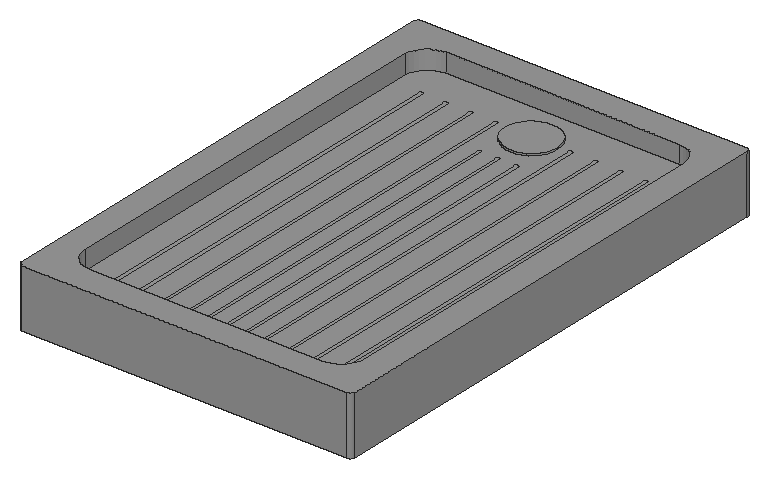
Revit family "RECEPTACULO ZEN 1200X800", category Plumbing Fixtures, Revit 2019
Family settings
  Round Connector Dimension = Use Diameter
  Part Type = Normal
  OmniClass Number = 23.45.00.00
  OmniClass Title = Sanitary, Laundry, and Cleaning Equipment
  Work Plane-Based = No
  Always vertical = Yes
  Cut with Voids When Loaded = No
  Shared = No
  Room Calculation Point = No
Reference planes
  plane 1 "Center (Front/Back)": y = 0
  plane 2: z = 0
  plane 3 "Center (Left/Right)": x = 0
Forms (mm)
  Extrusion 1, solid
    sketch origin (0, 0, 0) x (1, 0, 0) y (0, 1, 0)
      loop
        line (-43.497, -292.5) -> (736.503, -292.5)
        arc (736.503, -292.5) -> (743.574, -289.571) -> (746.503, -282.5) r 10
        line (746.503, -282.5) -> (746.503, 897.5)
        arc (746.503, 897.5) -> (743.574, 904.571) -> (736.503, 907.5) r 10
        line (736.503, 907.5) -> (-43.497, 907.5)
        arc (-43.497, 907.5) -> (-50.568, 904.571) -> (-53.497, 897.5) r 10
        line (-53.497, 897.5) -> (-53.497, -282.5)
        arc (-53.497, -282.5) -> (-50.568, -289.571) -> (-43.497, -292.5) r 10
    from 0 to 140
  Extrusion 2, void
    sketch origin (0, 0, 0) x (1, 0, 0) y (0, 1, 0)
      loop
        line (626.503, 842.5) -> (66.503, 842.5)
        arc (66.503, 842.5) -> (27.612, 826.391) -> (11.503, 787.5) r 55
        line (11.503, 787.5) -> (11.503, -172.5)
        arc (11.503, -172.5) -> (27.612, -211.391) -> (66.503, -227.5) r 55
        line (66.503, -227.5) -> (626.503, -227.5)
        arc (626.503, -227.5) -> (665.394, -211.391) -> (681.503, -172.5) r 55
        line (681.503, -172.5) -> (681.503, 787.5)
        arc (681.503, 787.5) -> (665.394, 826.391) -> (626.503, 842.5) r 55
    from 95 to 140
  Extrusion 3, solid
    sketch origin (0, 220, 0) x (1, 0, 0) y (0, 1, 0)
      loop
        circle (350, 525) r 62.5
    from 95 to 98.923
  Extrusion 4, solid
    sketch origin (-0.515, 0, -15.528) x (1, 0, 0) y (0, 0, 1)
      loop
        arc (82.789, 110.528) -> (79.122, 112.128) -> (75.456, 110.528) r 5
        line (75.456, 110.528) -> (82.789, 110.528)
      loop
        line (135.456, 110.528) -> (142.789, 110.528)
        arc (142.789, 110.528) -> (139.122, 112.128) -> (135.456, 110.528) r 5
      loop
        line (195.456, 110.528) -> (202.789, 110.528)
        arc (202.789, 110.528) -> (199.122, 112.128) -> (195.456, 110.528) r 5
      loop
        line (255.456, 110.528) -> (262.789, 110.528)
        arc (262.789, 110.528) -> (259.122, 112.128) -> (255.456, 110.528) r 5
      loop
        line (435.456, 110.528) -> (442.789, 110.528)
        arc (442.789, 110.528) -> (439.122, 112.128) -> (435.456, 110.528) r 5
      loop
        line (495.456, 110.528) -> (502.789, 110.528)
        arc (502.789, 110.528) -> (499.122, 112.128) -> (495.456, 110.528) r 5
      loop
        line (555.456, 110.528) -> (562.789, 110.528)
        arc (562.789, 110.528) -> (559.122, 112.128) -> (555.456, 110.528) r 5
      loop
        line (615.456, 110.528) -> (622.789, 110.528)
        arc (622.789, 110.528) -> (619.122, 112.128) -> (615.456, 110.528) r 5
    from -753.065 to 192.5
  Extrusion 5, solid
    sketch origin (-0.515, 0, -15.528) x (1, 0, 0) y (0, 0, 1)
      loop
        line (345.456, 110.528) -> (352.789, 110.528)
        arc (352.789, 110.528) -> (349.122, 112.128) -> (345.456, 110.528) r 5
      loop
        line (300.456, 110.528) -> (307.789, 110.528)
        arc (307.789, 110.528) -> (304.122, 112.128) -> (300.456, 110.528) r 5
      loop
        line (390.456, 110.528) -> (397.789, 110.528)
        arc (397.789, 110.528) -> (394.122, 112.128) -> (390.456, 110.528) r 5
    from -647.525 to 192.5
Cuts and joins
  Extrusion 2 cuts Extrusion 1
Dimensions and locks
  aligned and locked: level to plane 2
